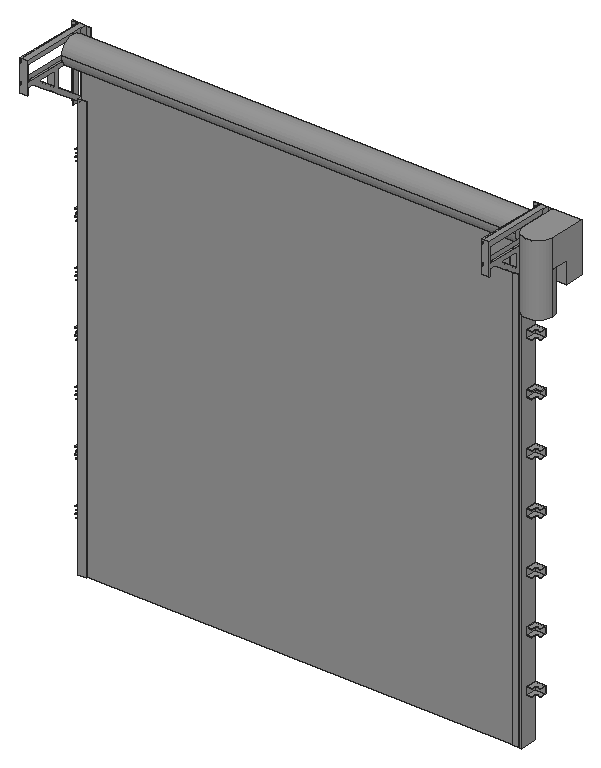
Revit family "AL120", category Двери, Revit 2016
Family settings
  Основа = Стена
  Номер OmniClass = 23.30.10.00
  Заголовок OmniClass = Doors
  Всегда вертикально = Да
  При загрузке вырезать с полостями = Нет
  Общий = Нет
  Точка расчета площади = Нет
Parameters (values of type "AL-120")
  BL_ШиринаBходавПолотна = 40 mm  # constant formula
  BL_РазмерШага = 0 mm  # constant formula
  Штора открыто/закрыто = yes
  BL_ШиринаПолотна = 75 mm
  BL_ШиринаНаправляющих = 115 mm  # constant formula
  BL_ШиринаВерхнейНаправляющей = 374.343 mm
  Функция = Внутренние слои
  Разработано = "support@bimlib.ru"  # constant formula
  BL_ОтстаяниеотДвигателя = 130 mm  # constant formula
  Огнестойкость = "AL120"  # constant formula
  BL_Напряжение = 220 V
  BL_МатериалПолотна = BL_АлюминийсДвойнойСтенкой_ВнутреннимНаполнениемизЖесткогоППУ_ПорошковойПокраскойпоRALs_Firetechnics
  BL_МатериалНаправляющих = BL_Сталь_Оцинкованная_Листовая_2мм_Firetechnics
  BL_КоличествоФаз = 1
  Изготовитель = "Firetechnics"  # constant formula
  BL_ДлинаНаправляющей = 60 mm  # constant formula
  BL_ВысотаКороба = 297 mm
  Height = ADSK_Размер_Высота  # 3000 mm
  Замыкание стены = По основе
  Width = ADSK_Размер_Ширина  # 3000 mm
  Аналитическая конструкция = "<Нет>"
  URL = "https://www.fire-tec.ru/"
  ADSK_Размер_Ширина = 3000 mm
  ADSK_Размер_Высота = 3000 mm
  ADSK_Примечание [instance] = ""
  ADSK_Предел огнестойкости = "EI120"  # constant formula
  ADSK_Позиция [instance] = ""
  ADSK_Обозначение = ""
  ADSK_Наименование = "Рулонные противопожарные ворота FireTechnics-S EI60 с миниральным заполнителем"
  ADSK_Масса_Текст = ""
  ADSK_Завод-изготовитель = Изготовитель  # "Firetechnics"
  ADSK_Единица измерения = ""
  ADSK_URL страницы изделия = "https://www.fire-tec.ru/catalog/protivopozharnye-vorota/sektsionnye-protivopozharnye-vorota/"
  ADSK_URL документации изделия = ""
Reference planes
  plane 1: y = 0
  plane 2 "По центру (Влево/Вправо)": x = 0
  plane 3 "Слева": x = -1500
  plane 4 "Справа": x = 1500
  plane 5: z = 3000
  plane 6 "Наружный": y = 150
  plane 7 "Внутренние": y = -150
  plane 8: x = -1560
  plane 9: x = 1560
  plane 10: y = -265
  plane 11: y = -183.5
  plane 12: y = -258.5
  plane 13: y = -524.343
  plane 14: x = -1540
  plane 15: x = 1540
  plane 16: z = 3297
  plane 17: x = 1690
  plane 18: x = 1600
  plane 19: x = -1596.608
  plane 20: z = 2625
  plane 21: z = 2250
  plane 22: z = 1875
  plane 23: z = 1500
  plane 24: z = 1125
  plane 25: z = 750
  plane 26: z = 375
  plane 27: z = 3403
  plane 28: z = 0
Forms (mm)
  Extrusion 1, void
    sketch origin (0, 0, 0) x (1, 0, 0) y (0, 1, 0)
      loop
        line (-1500, 150) -> (-1500, -150) -> (-1880, -150) -> (-1880, -970) -> (2100, -970) -> (2100, -150) -> (1500, -150) -> (1500, 150) -> (-1500, 150)
    from 0 to 3000
  Extrusion 2, solid, material "BL_Сталь_Оцинкованная_Листовая_2мм_Firetechnics" <- "BL_МатериалНаправляющих"
    sketch origin (0, 0, 0) x (1, 0, 0) y (0, 1, 0)
      loop
        line (-1500, -183.5) -> (-1500, -150) -> (-1560, -150) -> (-1560, -265) -> (-1500, -265) -> (-1500, -258.5) -> (-1540, -258.5) -> (-1540, -183.5) -> (-1500, -183.5)
      loop
        line (1500, -150) -> (1500, -183.5) -> (1540, -183.5) -> (1540, -258.5) -> (1500, -258.5) -> (1500, -265) -> (1560, -265) -> (1560, -150) -> (1500, -150)
    from 0 to 3000
  Extrusion 3, solid, material "BL_АлюминийсДвойнойСтенкой_ВнутреннимНаполнениемизЖесткогоППУ_ПорошковойПокраскойпоRALs_Firetechnics" <- "BL_МатериалПолотна", visible <- "Штора открыто/закрыто"
    sketch origin (0, 0, 0) x (1, 0, 0) y (0, 1, 0)
      loop
        line (-1540, -183.5) -> (-1540, -258.5) -> (1540, -258.5) -> (1540, -183.5) -> (-1540, -183.5)
    from 0 to 3297
  Extrusion 4, solid, material "BL_АлюминийсДвойнойСтенкой_ВнутреннимНаполнениемизЖесткогоППУ_ПорошковойПокраскойпоRALs_Firetechnics" <- "BL_МатериалПолотна"
    sketch origin (0, 0, 0) x (0, 1, 0) y (0, 0, 1)
      loop
        circle (-265, 3297) r 97
    from -1596.608 to 1600
  Extrusion 5, solid, material "BL_Сталь_Оцинкованная_Листовая_2мм_Firetechnics" <- "BL_МатериалНаправляющих"
    sketch origin (0, 0, 0) x (0, 1, 0) y (0, 0, 1)
      loop
        circle (-265, 3297) r 35
    from -1560 to 1690
Lines and regions (mm)
  symbolic lines, style "Doors"
    curve 1: line (-1625, -150, 0) -> (-1625, -800, 0)
    curve 2: line (-1625, -475, 0) -> (1890, -475, 0)
    curve 3: line (1890, -150, 0) -> (1890, -910, 0)
Text (mm)
  text "Наружный" at (-2295.016, 1099.543, 0), in view "Опорный уровень"
  text "Наружный" at (0, 1615.38, 3698.081), in view "Слева"
  text "Наружный" at (0, 1036.032, 3874.932), in view "Справа"
Dimensions and locks
  equal spacing: plane 3 "Слева", plane 2 "По центру (Влево/Вправо)", plane 4 "Справа"
  "Width": plane 3 "Слева" to plane 4 "Справа"
  "Height": plane 5 to host wall
  host wall to plane 5 = 3000 mm  (x2)
  locked: plane 6 "Наружный" to host wall at 0
  locked: plane 7 "Внутренние" to host wall
  "BL_ШиринаНаправляющих": plane 10 to plane 7 "Внутренние"
  "BL_ШиринаПолотна": plane 11 to plane 12
  "BL_ШиринаВерхнейНаправляющей": plane 13 to plane 7 "Внутренние"
  "BL_ВысотаКороба": plane 16 to plane 5
  "BL_ШиринаBходавПолотна": plane 4 "Справа" to plane 15
  "BL_ШиринаBходавПолотна": plane 14 to plane 3 "Слева"
  "BL_ОтстаяниеотДвигателя": plane 17 to plane 9
  "BL_ДлинаНаправляющей": plane 4 "Справа" to plane 9
  "BL_ДлинаНаправляющей": plane 8 to plane 3 "Слева"
  locked: plane 18 to plane 9 at 40
  locked: plane 8 to plane 19 at 36.608
  locked: plane 7 "Внутренние" to plane 11 at 33.5
  plane 4 "Справа" to curve 3 = 390 mm
  nested 3 to plane 5 = 397 mm
  plane 5 to plane 20 = 375 mm
  locked: nested 4 to host wall at 195
  locked: plane 20 to nested 4 at 52
  locked: nested 5 to Extrusion 2 at 11.5
  locked: nested 4 to Extrusion 3 at 11.5
  locked: nested 6 to Extrusion 2 at 11.5
  locked: nested 7 to Extrusion 2 at 11.5
  locked: nested 10 to Extrusion 2 at 11.5
  equal spacing: plane 28, plane 26, plane 25, plane 24, plane 23, plane 22, plane 21, plane 20, plane 5
  "BL_РазмерШага": level to plane 28
  aligned and locked: plane 1 to host wall
  aligned and locked: Extrusion 1 sketch curve to host wall
  aligned and locked: Extrusion 1 sketch curve to plane 3 "Слева"
  aligned and locked: plane 4 "Справа" to Extrusion 1 sketch curve
  aligned and locked: plane 12 to Extrusion 2 sketch curve  (x2)
  aligned and locked: plane 14 to Extrusion 2 sketch curve
  aligned and locked: Extrusion 2 sketch curve to plane 11
  aligned and locked: Extrusion 2 sketch curve to plane 3 "Слева"  (x2)
  aligned and locked: Extrusion 2 sketch curve to plane 10  (x2)
  aligned and locked: Extrusion 2 sketch curve to plane 8
  aligned and locked: Extrusion 2 sketch curve to host wall
  aligned and locked: host wall to Extrusion 2 sketch curve
  aligned and locked: Extrusion 2 sketch curve to plane 9
  aligned and locked: Extrusion 2 sketch curve to plane 4 "Справа"
  aligned and locked: Extrusion 2 sketch curve to plane 15
  aligned and locked: plane 11 to Extrusion 2 sketch curve
  aligned and locked: plane 4 "Справа" to Extrusion 2 sketch curve
  aligned and locked: Extrusion 2 to plane 5
  aligned and locked: Extrusion 1 to plane 5
  aligned and locked: Extrusion 3 sketch curve to plane 11
  aligned and locked: plane 14 to Extrusion 3 sketch curve
  aligned and locked: Extrusion 3 sketch curve to plane 12
  aligned and locked: Extrusion 3 sketch curve to Extrusion 2
  aligned and locked: plane 8 to nested 2
  aligned and locked: plane 9 to nested 1
  aligned and locked: nested 1 to plane 16
  aligned and locked: nested 2 to plane 16
  aligned and locked: Extrusion 5 to plane 8
  aligned and locked: plane 17 to Extrusion 5
  aligned and locked: plane 18 to Extrusion 4
  aligned and locked: Extrusion 4 to plane 19
  aligned and locked: plane 7 "Внутренние" to nested 3
  aligned and locked: plane 16 to nested 3
  aligned and locked: nested 3 to plane 17
  aligned and locked: Extrusion 3 to plane 16
  aligned and locked: Extrusion 3 to level
  aligned and locked: plane 20 to nested 4
  aligned and locked: plane 25 to nested 9
  aligned and locked: plane 24 to nested 8
  aligned and locked: plane 23 to nested 7
  aligned and locked: plane 22 to nested 6
  aligned and locked: plane 21 to nested 5
  aligned and locked: plane 26 to nested 10
  aligned and locked: nested 16 to plane 26
  aligned and locked: nested 15 to plane 25
  aligned and locked: nested 12 to plane 21
  aligned and locked: nested 13 to plane 22
  aligned and locked: nested 14 to plane 23
  aligned and locked: nested 17 to plane 24
  aligned and locked: nested 11 to plane 20
Automatic sketch dimensions
  plane 3 "Слева" to Extrusion 1 sketch curve = 380 mm
  Extrusion 1 sketch curve to plane 4 "Справа" = 600 mm
  host wall to Extrusion 1 sketch curve = 820 mm
  host wall to Extrusion 1 sketch curve = 0 mm  (x2)
  Extrusion 4 sketch curve to plane 10 = 0 mm
  Extrusion 4 sketch curve to plane 16 = 0 mm
  Extrusion 5 sketch curve to plane 10 = 0 mm
  Extrusion 5 sketch curve to plane 16 = 0 mm
  host wall to curve 1 = 0 mm
  host wall to curve 3 = 0 mm
  curve 1 to plane 19 = 28.392 mm
  plane 13 to curve 2 = 49.343 mm
  curve 1 to plane 13 = 275.657 mm
  curve 3 to plane 13 = 385.657 mm
  radius of Extrusion 4 sketch curve = 97 mm
  radius of Extrusion 5 sketch curve = 35 mm
Nested families
  nested 1: "Кронштейн" at (1625, -150, 3297) x (1, 0, 0) z (0, -1, 0), type "Кронштейн"
  nested 2: "Кронштейн" at (-1625, -150, 3297) x (1, 0, 0) z (0, -1, 0), type "Кронштейн"
  nested 3: "Двигатель" at (1790, -330, 3297), Количество фаз <- "BL_КоличествоФаз", Напряжение <- "BL_Напряжение", type "Двигатель"
    with Напряжение 220 V, Количество фаз 1
  nested 4: "уголок откатные шторы" at (-1560, -195, 2568.824), type "уголок откатные шторы", detail levels fine
  nested 5: "уголок откатные шторы" at (-1560, -195, 2193.824), type "уголок откатные шторы", detail levels fine
  nested 6: "уголок откатные шторы" at (-1560, -195, 1818.824), type "уголок откатные шторы", detail levels fine
  nested 7: "уголок откатные шторы" at (-1560, -195, 1443.824), type "уголок откатные шторы", detail levels fine
  nested 8: "уголок откатные шторы" at (-1560, -195, 1068.824), type "уголок откатные шторы", detail levels fine
  nested 9: "уголок откатные шторы" at (-1560, -195, 693.824), type "уголок откатные шторы", detail levels fine
  nested 10: "уголок откатные шторы" at (-1560, -195, 318.824), type "уголок откатные шторы", detail levels fine
  nested 11: "уголок откатные шторы" at (1560, -195, 2568.824) x (-1, 0, 0) z (0, 0, 1), type "уголок откатные шторы", detail levels fine
  nested 12: "уголок откатные шторы" at (1560, -195, 2193.824) x (-1, 0, 0) z (0, 0, 1), type "уголок откатные шторы", detail levels fine
  nested 13: "уголок откатные шторы" at (1560, -195, 1818.824) x (-1, 0, 0) z (0, 0, 1), type "уголок откатные шторы", detail levels fine
  nested 14: "уголок откатные шторы" at (1560, -195, 1443.824) x (-1, 0, 0) z (0, 0, 1), type "уголок откатные шторы", detail levels fine
  nested 15: "уголок откатные шторы" at (1560, -195, 693.824) x (-1, 0, 0) z (0, 0, 1), type "уголок откатные шторы", detail levels fine
  nested 16: "уголок откатные шторы" at (1560, -195, 318.824) x (-1, 0, 0) z (0, 0, 1), type "уголок откатные шторы", detail levels fine
  nested 17: "уголок откатные шторы" at (1560, -195, 1068.824) x (-1, 0, 0) z (0, 0, 1), type "уголок откатные шторы", detail levels fine
Definition of nested family "Кронштейн"
  Parameters (values of type "Кронштейн")
    и = 400 mm
    Default Elevation = 1219.2 mm
    l = 510 mm
    h = 40 mm
    a = 50 mm
  Reference planes
    plane 1 "По центру (Вперед/Назад)": y = 0
    plane 2: z = 0
    plane 3 "По центру (Влево/Вправо)": x = 0
    plane 4: x = -25
    plane 5: x = 25
    plane 6: z = 40
    plane 7: y = 100
    plane 8: y = -400
    plane 9: y = -70
    plane 10: y = 70
    plane 11: y = -40
    plane 12: z = 510
    plane 13: through (0, -420.717, -38.442) normal (0, 0.8192, -0.5736)
    plane 14: z = 270
    plane 15: x = -65
    plane 16: x = 65
  Forms (mm)
    Extrusion 1, solid
      sketch origin (0, 0, 0) x (1, 0, 0) y (0, 1, 0)
        loop
          line (-1219.2, 1219.2) -> (-1219.2, -1219.2) -> (1219.2, -1219.2) -> (1219.2, 1219.2) -> (-1219.2, 1219.2)
      from 0 to -304.8
    Extrusion 2, solid
      sketch origin (0, 0, 0) x (1, 0, 0) y (0, 0, 1)
        loop
          line (65, 0) -> (65, 3) -> (28, 3) -> (28, 40) -> (25, 40) -> (25, 0) -> (65, 0)
        loop
          line (-25, 0) -> (-25, 40) -> (-28, 40) -> (-28, 3) -> (-65, 3) -> (-65, 0) -> (-25, 0)
      from -100 to 400
    Extrusion 3, solid
      sketch origin (0, 0, 0) x (1, 0, 0) y (0, 1, 0)
        loop
          line (-25, 100) -> (-25, 70) -> (-22, 70) -> (-22, 97) -> (22, 97) -> (22, 70) -> (25, 70) -> (25, 100) -> (-25, 100)
        loop
          line (-25, -70) -> (25, -70) -> (25, -40) -> (22, -40) -> (22, -67) -> (-22, -67) -> (-22, -40) -> (-25, -40) -> (-25, -70)
      from 0 to 510
    Extrusion 4, solid
      sketch origin (0, 0, 0) x (1, 0, 0) y (0, 0, 1)
        loop
          line (-25, 510) -> (-25, 505) -> (25, 505) -> (25, 510) -> (-25, 510)
      from -100 to 120
    Sweep 5, solid
      path origin (0, 0, 0) x (0, 1, 0) y (0, 0, 1)
        loop
          line (-373.996, 28.284) -> (-70, 462.434)
      profile origin (0, -221.998, 245.359) x (0, -0.819152, 0.573576) y (1, 0, 0)
        loop
          line (0, 25) -> (-30, 25) -> (-30, 22) -> (-3, 22) -> (-3, -22) -> (-30, -22) -> (-30, -25) -> (0, -25) -> (0, 25)
    Sweep 6, solid
      path origin (0, 0, 0) x (0, 1, 0) y (0, 0, 1)
        loop
          line (-70, 270) -> (-204.744, 270)
      profile origin (0, -137.372, 270) x (0, 0, -1) y (1, 0, 0)
        loop
          line (0, 25) -> (0, -25) -> (30, -25) -> (30, -22) -> (3, -22) -> (3, 22) -> (30, 22) -> (30, 25) -> (0, 25)
  Cuts and joins
    joined: Extrusion 2, Extrusion 3, Extrusion 4, Sweep 5, Sweep 6
  Dimensions and locks
    equal spacing: plane 5, plane 3 "По центру (Влево/Вправо)", plane 4
    "a": plane 5 to plane 4
    locked: Extrusion 2 sketch curve to plane 5 at 3
    locked: Extrusion 2 sketch curve to Extrusion 1 at 3  (x2)
    locked: plane 4 to Extrusion 2 sketch curve at 3
    "h": plane 6 to Extrusion 1
    locked: plane 1 "По центру (Вперед/Назад)" to plane 7 at 100
    plane 8 to plane 1 "По центру (Вперед/Назад)" = 400 mm  (x2)
    locked: plane 11 to plane 9 at 30
    locked: plane 7 to plane 10 at 30
    "l": plane 12 to Extrusion 1
    locked: plane 12 to Extrusion 4 sketch curve at 5
    locked: plane 9 to Extrusion 4 at 50
    locked: plane 14 to Extrusion 1 at 270
    plane 15 to plane 3 "По центру (Влево/Вправо)" to plane 16 = 65 mm locked, 65 mm locked
    plane 1 "По центру (Вперед/Назад)" to plane 7 = 100 mm
    plane 12 to level = 510 mm
    aligned and locked: plane 2 to Extrusion 1
    aligned and locked: level to Extrusion 1
    aligned and locked: Extrusion 1 to Extrusion 2 sketch curve  (x2)
    aligned and locked: plane 4 to Extrusion 2 sketch curve
    aligned and locked: plane 5 to Extrusion 2 sketch curve
    aligned and locked: Extrusion 2 sketch curve to plane 6
    aligned and locked: plane 6 to Extrusion 2 sketch curve
    aligned and locked: Extrusion 2 to plane 8
    aligned and locked: plane 7 to Extrusion 2
    aligned and locked: Extrusion 3 sketch curve to plane 7
    aligned and locked: Extrusion 3 sketch curve to plane 9
    aligned and locked: Extrusion 3 sketch curve to plane 4  (x2)
    aligned and locked: Extrusion 3 sketch curve to plane 5  (x2)
    aligned and locked: Extrusion 3 to plane 10  (x2)
    aligned and locked: plane 11 to Extrusion 3  (x2)
    aligned and locked: plane 12 to Extrusion 3
    aligned and locked: Extrusion 4 sketch curve to plane 12
    aligned and locked: Extrusion 4 sketch curve to plane 4
    aligned and locked: Extrusion 4 sketch curve to plane 5
    aligned and locked: plane 7 to Extrusion 4
    aligned and locked: plane 13 to Sweep 5 sketch curve
    aligned and locked: profile plane to Sweep 5 sketch curve
    aligned and locked: plane 14 to Sweep 6 sketch curve
    aligned and locked: profile plane to Sweep 6 sketch curve
    aligned and locked: Sweep 6 sketch curve to plane 4
    aligned and locked: Sweep 6 sketch curve to plane 5
  Automatic sketch dimensions
    Extrusion 1 sketch curve to Extrusion 1 sketch curve = 2438.4 mm  (x2)
    Extrusion 2 sketch curve to plane 4 = 40 mm
    plane 5 to Extrusion 2 sketch curve = 40 mm
    Extrusion 3 sketch curve to Extrusion 3 sketch curve = 3 mm  (x2)
    Extrusion 3 sketch curve to plane 5 = 3 mm  (x2)
    plane 9 to Extrusion 3 sketch curve = 3 mm
    Extrusion 3 sketch curve to Extrusion 3 sketch curve = 27 mm  (x2)
    Extrusion 3 sketch curve to plane 7 = 30 mm  (x2)
    Extrusion 3 sketch curve to plane 7 = 3 mm
    profile plane to Sweep 5 sketch curve = 3 mm
    Sweep 5 sketch curve to Sweep 5 sketch curve = 27 mm  (x2)
    Sweep 5 sketch curve to plane 3 "По центру (Влево/Вправо)" = 22 mm
    plane 3 "По центру (Влево/Вправо)" to Sweep 5 sketch curve = 22 mm
    Sweep 5 sketch curve to Sweep 5 sketch curve = 3 mm  (x2)
    plane 13 to Sweep 6 sketch curve = 0 mm
    Sweep 6 sketch curve to plane 9 = 0 mm
    Sweep 6 sketch curve to profile plane = 3 mm
    Sweep 6 sketch curve to Sweep 6 sketch curve = 27 mm  (x2)
    Sweep 6 sketch curve to Sweep 6 sketch curve = 3 mm  (x2)
    Sweep 5 sketch curve to plane 9 = 0 mm
    Sweep 5 sketch curve to plane 6 = 11.716 mm
Definition of nested family "Двигатель"
  Parameters (values of type "Двигатель")
    Напряжение [instance] = 0 V
    Количество фаз [instance] = 1
  Reference planes
    plane 1 "По центру (Вперед/Назад)": y = 0
    plane 2: z = 0
    plane 3 "По центру (Влево/Вправо)": x = 0
  Forms (mm)
    Extrusion 1, solid
      sketch origin (0, -75, 0) x (1, 0, 0) y (0, 1, 0)
        loop
          line (-100, 255) -> (-100, 0) -> (100, 0) -> (100, 255) -> (-100, 255)
      from -100 to 100
    Extrusion 2, solid
      sketch origin (0, -75, 0) x (1, 0, 0) y (0, 1, 0)
        loop
          circle (0, 0) r 100
      from -400 to 100
    Extrusion 3, solid
      sketch origin (0, -75, 0) x (1, 0, 0) y (0, 1, 0)
        loop
          line (100, 255) -> (-100, 255) -> (-100, 125) -> (100, 125) -> (100, 255)
      from -250 to 0
  Cuts and joins
    joined: Extrusion 1, Extrusion 2, Extrusion 3
  Dimensions and locks
    Extrusion 1 sketch curve to plane 3 "По центру (Влево/Вправо)" to Extrusion 1 sketch curve = 100 mm, 100 mm
    plane 1 "По центру (Вперед/Назад)" to Extrusion 1 sketch curve = 180 mm
    radius of Extrusion 2 sketch curve = 100 mm
    aligned and locked: level to plane 2
    aligned and locked: Extrusion 3 sketch curve to cut or joined group of Extrusion 1, Extrusion 2, Extrusion 3  (x2)
    aligned and locked: cut or joined group of Extrusion 1, Extrusion 2, Extrusion 3 to Extrusion 3 sketch curve
    aligned and locked: level to Extrusion 3
  Connectors
    electrical at (0, -75, -400), driven by "Напряжение", driven by "Количество фаз"
      settings: on cut or joined group of Extrusion 1, Extrusion 2, Extrusion 3, index 1, voltage 0 V, apparent load 0 VA, apparent load phase1 0 VA, apparent load phase2 0 VA, apparent load phase3 0 VA, power factor 1, load classification none, number of poles 1, system type 30, power factor state 1, is connector primary yes, connector utility no, sub classification motor no, connector description ""
Definition of nested family "уголок откатные шторы"
  Parameters (values of type "уголок откатные шторы")
    Ширина = 52 mm
    Default Elevation = 1219.2 mm
    Материал профиля = none
  Reference planes
    plane 1 "По центру (Вперед/Назад)": y = 0
    plane 2: z = 0
    plane 3 "По центру (Влево/Вправо)": x = 0
    plane 4: z = 4.176
    plane 5: z = 56.176
    plane 6: z = 6.176
    plane 7: z = 54.176
    plane 8: y = 5
    plane 9: z = 45
  Forms (mm)
    Extrusion 1, solid, material <- "Материал профиля"
      sketch origin (100, 45, 30.176) x (0, 0, 1) y (0, -1, 0)
        loop
          line (-26, 45) -> (-26, 0) -> (26, 0) -> (26, 45) -> (24, 45) -> (24, 5) -> (-24, 5) -> (-24, 45) -> (-26, 45)
      from -180.924 to -100
    Extrusion 2, solid, material <- "Материал профиля"
      sketch origin (0, 0, 30.176) x (0, 1, 0) y (-1, 0, 0)
        loop
          line (-32.369, 5) -> (-32.369, 0) -> (45, 0) -> (45, 5) -> (-32.369, 5)
      from -26 to 26
    Extrusion 3, solid, material <- "Материал профиля"
      sketch origin (0, 0, 30.176) x (0, 0, 1) y (-1, 0, 0)
        loop
          line (-26, 45) -> (-26, 0) -> (-24, 0) -> (-24, 45) -> (-26, 45)
        loop
          line (24, 45) -> (24, 0) -> (26, 0) -> (26, 45) -> (24, 45)
      from 0 to 32.369
  Cuts and joins
    joined: Extrusion 1, Extrusion 2, Extrusion 3
  Dimensions and locks
    plane 6 to plane 4 = 2 mm
    locked: plane 5 to plane 7 at 2
    plane 5 to plane 4 = 52 mm
    "Ширина": plane 5 to plane 4
    aligned and locked: level to plane 2
    aligned and locked: plane 7 to Extrusion 1
    aligned and locked: Extrusion 1 to plane 6
    aligned and locked: Extrusion 1 to plane 5
    aligned and locked: Extrusion 2 to plane 5
    aligned and locked: plane 4 to Extrusion 3 sketch curve
    aligned and locked: Extrusion 3 sketch curve to plane 6
    aligned and locked: plane 7 to Extrusion 3 sketch curve
    aligned and locked: Extrusion 3 sketch curve to cut or joined group of Extrusion 1, Extrusion 2, Extrusion 3
    aligned and locked: cut or joined group of Extrusion 1, Extrusion 2, Extrusion 3 to Extrusion 3
    aligned and locked: Extrusion 2 to plane 4
    aligned and locked: plane 3 "По центру (Влево/Вправо)" to Extrusion 1
  Automatic sketch dimensions
    Extrusion 1 sketch curve to plane 1 "По центру (Вперед/Назад)" = 0 mm  (x2)
    Extrusion 1 sketch curve to plane 4 = 0 mm
    Extrusion 1 sketch curve to plane 6 = 0 mm
    Extrusion 1 sketch curve to plane 7 = 0 mm
    Extrusion 1 sketch curve to plane 5 = 0 mm
    plane 8 to Extrusion 1 sketch curve = 35 mm
    Extrusion 1 sketch curve to Extrusion 1 sketch curve = 5 mm
    plane 1 "По центру (Вперед/Назад)" to Extrusion 2 sketch curve = 32.369 mm
    plane 8 to Extrusion 2 sketch curve = 40 mm
    plane 3 "По центру (Влево/Вправо)" to Extrusion 2 sketch curve = 0 mm
    Extrusion 2 sketch curve to Extrusion 2 sketch curve = 5 mm
    plane 3 "По центру (Влево/Вправо)" to Extrusion 3 sketch curve = 0 mm
    Extrusion 3 sketch curve to Extrusion 3 sketch curve = 0 mm
    Extrusion 3 sketch curve to Extrusion 3 sketch curve = 45 mm  (x2)
